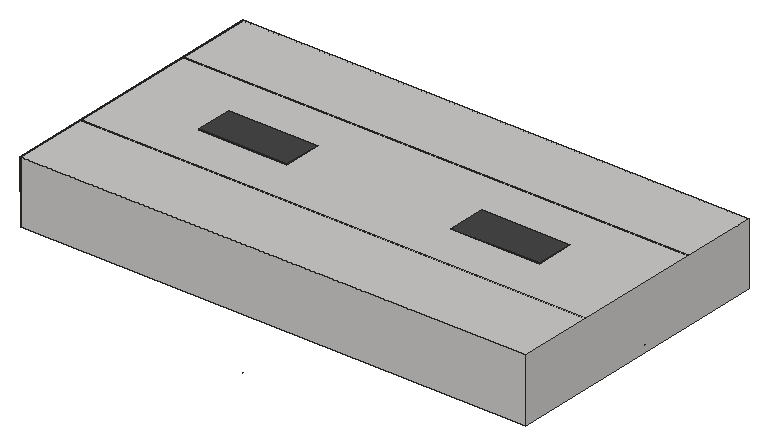
Revit family "QF_ELECTROLUXPROFESSIONAL_642047_EC2240T", category Specialty Equipment, Revit 2014
Reference planes
  plane 1: z = 0
  plane 2 "Center (Left/Right)": x = 150
  plane 3 "LEFT": x = -1850
  plane 4 "RIGHT": x = 2150
  plane 5 "BACK": y = 550
  plane 6 "TOP": z = 2500
  plane 7 "Base": z = 2000
  plane 8: z = 1946
  plane 9: x = -1847
  plane 10 "DrainX": x = 1999
  plane 11 "AOLeft2": x = -500
  plane 12 "AORight1": x = 800
  plane 13: x = 2147
  plane 14: x = -1650
  plane 15: x = 1950
  plane 16: x = 50
  plane 17: x = 250
  plane 18 "AOLeft1": x = -1200
  plane 19 "AORight2": x = 1500
  plane 20: y = -400
  plane 21: through (0, -127.846, 2402.468) normal (0, -0.753, 0.6581)
  plane 22: through (0, -972.152, 2402.468) normal (0, -0.753, -0.6581)
  plane 23: y = -700
  plane 24 "Center (Front/Back)": y = -550
  plane 25: y = -1650
Forms (mm)
  Extrusion 1, solid, material "QF_Finishes_Stainless Steel"
    sketch origin (-1850, 0, 360) x (0, 1, 0) y (0, 0, 1)
      loop
        line (550, 1640) -> (550, 2140) -> (-1650, 2140) -> (-1650, 1640) -> (550, 1640)
    from 0 to 3
  Extrusion 2, solid, material "QF_Finishes_Stainless Steel"
    sketch origin (2150, 0, 360) x (0, 1, 0) y (0, 0, 1)
      loop
        line (550, 1640) -> (550, 2140) -> (-1650, 2140) -> (-1650, 1640) -> (550, 1640)
    from 0 to -3
  Extrusion 3, solid, material "QF_Finishes_Stainless Steel"
    sketch origin (150, 0, 360) x (0, 1, 0) y (0, 0, 1)
      loop
        line (-1650, 2140) -> (-1650, 1640) -> (-1640, 1640) -> (-1640, 1640.8) -> (-1649.2, 1640.8) -> (-1649.2, 2139.19) -> (549.2, 2139.19) -> (549.2, 1640.8) -> (540, 1640.8) -> (540, 1640) -> (550, 1640) -> (550, 2140) -> (-1650, 2140)
    from -2000 to 2000
  Extrusion 4, solid, material "QF_Finishes_Black"
    sketch origin (0, 0, 2500) x (0, 1, 0) y (-1, 0, 0)
      loop
        line (-400, 500) -> (-400, 1200) -> (-700, 1200) -> (-700, 500) -> (-400, 500)
    from 5 to 0
  Extrusion 5, solid, material "QF_Finishes_Stainless Steel"
    sketch origin (0, 0, 0) x (1, 0, 0) y (0, 1, 0)
      loop
        line (-1850, 550) -> (-1850, 549) -> (-1849, 549) -> (-1849, 550) -> (-1850, 550)
    from 0 to 1
  Extrusion 6, solid, material "QF_Finishes_Stainless Steel"
    sketch origin (150, -400, 360) x (0, 1, 0) y (0, 0, 1)
      loop
        line (-79.471, 1685.734) -> (-56.882, 1665.992) -> (272.154, 2042.468) -> (249.566, 2062.21) -> (-79.471, 1685.734)
      loop
        line (-572.152, 2042.468) -> (-243.115, 1665.992) -> (-220.526, 1685.734) -> (-549.563, 2062.21) -> (-572.152, 2042.468)
    from -1800 to -1997
  Extrusion 7, solid, material "QF_Finishes_Stainless Steel"
    sketch origin (150, -400, 360) x (0, 1, 0) y (0, 0, 1)
      loop
        line (360.354, 2141.454) -> (357.903, 2143.511) -> (264.331, 2031.996) -> (266.169, 2030.453) -> (357.41, 2139.19) -> (358.454, 2139.19) -> (360.354, 2141.454)
      loop
        line (-560.354, 2022.279) -> (-557.903, 2024.336) -> (-564.331, 2031.996) -> (-566.169, 2030.453) -> (-657.41, 2139.19) -> (-658.454, 2139.19) -> (-560.354, 2022.279)
      loop
        arc (-83.944, 1704.554) -> (-84.545, 1704.706) -> (-85.077, 1704.389) r 0.81
        line (-85.077, 1704.389) -> (-99.535, 1684.991) -> (-116.611, 1687.002) -> (-113.609, 1712.615) -> (-114.407, 1712.708) -> (-117.406, 1687.095)
        arc (-117.406, 1687.095) -> (-117.237, 1686.499) -> (-116.695, 1686.197) r 0.81
        line (-116.695, 1686.197) -> (-99.628, 1684.196)
        arc (-99.628, 1684.196) -> (-99.213, 1684.257) -> (-98.884, 1684.517) r 0.81
        line (-98.884, 1684.517) -> (-84.436, 1703.911) -> (-73.692, 1695.919) -> (-99.855, 1660.79) -> (-200.145, 1660.79) -> (-226.308, 1695.919) -> (-215.564, 1703.911) -> (-201.116, 1684.517)
        arc (-201.116, 1684.517) -> (-200.787, 1684.257) -> (-200.372, 1684.196) r 0.81
        line (-200.372, 1684.196) -> (-183.305, 1686.197)
        arc (-183.305, 1686.197) -> (-182.763, 1686.499) -> (-182.594, 1687.095) r 0.81
        line (-182.594, 1687.095) -> (-185.593, 1712.708) -> (-186.391, 1712.615) -> (-183.389, 1687.002) -> (-200.465, 1684.991) -> (-214.923, 1704.389)
        arc (-214.923, 1704.389) -> (-215.455, 1704.706) -> (-216.056, 1704.554) r 0.81
        line (-216.056, 1704.554) -> (-226.786, 1696.561)
        arc (-226.786, 1696.561) -> (-227.103, 1696.028) -> (-226.951, 1695.427) r 0.81
        line (-226.951, 1695.427) -> (-200.843, 1660.381)
        arc (-200.843, 1660.381) -> (-200.5, 1660.093) -> (-200.063, 1659.99) r 0.972
        line (-200.063, 1659.99) -> (-99.951, 1659.99)
        arc (-99.951, 1659.99) -> (-99.502, 1660.096) -> (-99.149, 1660.393) r 1
        line (-99.149, 1660.393) -> (-73.049, 1695.427)
        arc (-73.049, 1695.427) -> (-72.897, 1696.028) -> (-73.214, 1696.561) r 0.81
        line (-73.214, 1696.561) -> (-83.944, 1704.554)
    from -1997 to 1997
  Extrusion 8, solid, material "QF_Finishes_Stainless Steel"
    sketch origin (150, -400, 360) x (0, 1, 0) y (0, 0, 1)
      loop
        line (272.154, 2042.468) -> (249.566, 2062.21) -> (-79.471, 1685.734) -> (-56.882, 1665.992) -> (272.154, 2042.468)
      loop
        line (-572.154, 2042.468) -> (-243.118, 1665.992) -> (-220.529, 1685.734) -> (-549.566, 2062.21) -> (-572.154, 2042.468)
    from 1997 to 1800
  Extrusion 9, solid, material "QF_Finishes_Stainless Steel"
    sketch origin (150, -400, 360) x (0, 1, 0) y (0, 0, 1)
      loop
        line (272.154, 2042.468) -> (249.566, 2062.21) -> (-79.471, 1685.734) -> (-56.882, 1665.992) -> (272.154, 2042.468)
      loop
        line (-572.154, 2042.468) -> (-243.118, 1665.992) -> (-220.529, 1685.734) -> (-549.566, 2062.21) -> (-572.154, 2042.468)
    from -100 to 100
  Extrusion 10, solid, material "QF_Finished_Chrome"
    sketch origin (150, -400, 360) x (0, 1, 0) y (0, 0, 1)
      loop
        line (249.566, 2062.21) -> (-79.471, 1685.734) -> (-56.882, 1665.992) -> (272.154, 2042.468) -> (249.566, 2062.21)
      loop
        line (-549.566, 2062.21) -> (-572.154, 2042.468) -> (-243.118, 1665.992) -> (-220.529, 1685.734) -> (-549.566, 2062.21)
    from -1800 to -100
  Extrusion 11, solid, material "QF_Finished_Chrome"
    sketch origin (150, -400, 360) x (0, 1, 0) y (0, 0, 1)
      loop
        line (272.154, 2042.468) -> (249.566, 2062.21) -> (-79.471, 1685.734) -> (-56.882, 1665.992) -> (272.154, 2042.468)
      loop
        line (-572.154, 2042.468) -> (-243.118, 1665.992) -> (-220.529, 1685.734) -> (-549.566, 2062.21) -> (-572.154, 2042.468)
    from 100 to 1800
  Sweep 12, solid, material "QF_Finishes_Stainless Steel"
    path origin (0, 0, 0) x (1, 0, 0) y (0, 1, 0)
      loop
        line (2150, 550) -> (-1850, 550) -> (-1850, -1650) -> (2150, -1650) -> (2150, 550)
    profile origin (2150, -550, 0) x (1, 0, 0) y (0, 0, 1)
      loop
        line (-3, 2000) -> (-3, 2000.8) -> (-19, 2000.8) -> (-19, 2010) -> (-20, 2010) -> (-20, 2000) -> (-3, 2000)
  Extrusion 13, solid, material "QF_Finishes_Black"
    sketch origin (0, 0, 2500) x (0, 1, 0) y (-1, 0, 0)
      loop
        line (-400, -1500) -> (-400, -800) -> (-700, -800) -> (-700, -1500) -> (-400, -1500)
    from 5 to 0
  Extrusion 14, solid, material "QF_Finishes_Stainless Steel"
    sketch origin (1999, 0, 0) x (0, 1, 0) y (0, 0, 1)
      loop
        arc (-518.5, 1946) -> (-511.429, 1948.929) -> (-508.5, 1956) r 10
        line (-508.5, 1956) -> (-508.5, 2000.8) -> (-591.5, 2000.8) -> (-591.5, 1956)
        arc (-591.5, 1956) -> (-588.571, 1948.929) -> (-581.5, 1946) r 10
        line (-581.5, 1946) -> (-518.5, 1946)
    from -90 to 90
  Extrusion 15, solid, material "QF_Finishes_Stainless Steel"
    sketch origin (0, -1100, 2000) x (0, 1, 0) y (-1, 0, 0)
      loop
        circle (550, -1999) r 6.35
    from -3.799 to 0
Cuts and joins
  joined: Extrusion 2, Extrusion 3, Sweep 12
Lines and regions (mm)
  symbolic lines, style "SpecialityEquipment", detail levels coarse
    curve 1: line (2150, 550, 2500) -> (-1850, 550, 2500)
    curve 2: line (-1850, 550, 2500) -> (-1850, -1640, 2500)
    curve 3: line (2150, -1650, 2500) -> (2150, 550, 2500)
    curve 4: line (-1850, 550, 0) -> (2150, -1650, 0)
    curve 5: line (2150, 550, 0) -> (-1847, -1650, 0)
  symbolic lines, detail levels coarse
    curve 6: line (-1847, -1650, 0) -> (2150, -1650, 0)
    curve 7: line (-1200, -700, 0) -> (-500, -700, 0)
    curve 8: line (-1200, -400, 0) -> (-1200, -700, 0)
    curve 9: line (-500, -400, 0) -> (-1200, -400, 0)
    curve 10: line (-500, -700, 0) -> (-500, -400, 0)
    curve 11: line (800, -400, 0) -> (800, -700, 0)
    curve 12: line (1500, -400, 0) -> (800, -400, 0)
    curve 13: line (1500, -700, 0) -> (1500, -400, 0)
    curve 14: line (800, -700, 0) -> (1500, -700, 0)
    curve 15: line (-1847, -660.798, 0) -> (2147, -660.798, 0)
Dimensions and locks
  plane 3 "LEFT" to plane 4 "RIGHT" = 4000 mm
  equal spacing: plane 3 "LEFT", plane 2 "Center (Left/Right)", plane 4 "RIGHT"
  plane 3 "LEFT" to plane 9 = 3 mm
  plane 10 "DrainX" to plane 4 "RIGHT" = 151 mm
  plane 13 to plane 4 "RIGHT" = 3 mm
  plane 3 "LEFT" to plane 14 = 200 mm
  plane 15 to plane 4 "RIGHT" = 200 mm
  locked: plane 11 "AOLeft2" to plane 12 "AORight1" at 1300
  equal spacing: plane 11 "AOLeft2", plane 2 "Center (Left/Right)", plane 12 "AORight1"
  locked: plane 7 "Base" to level at 2000
  locked: plane 16 to plane 17 at 200
  equal spacing: plane 16, plane 2 "Center (Left/Right)", plane 17
  plane 18 "AOLeft1" to plane 11 "AOLeft2" = 700 mm
  plane 12 "AORight1" to plane 19 "AORight2" = 700 mm
  plane 7 "Base" to plane 8 = 54 mm
  locked: plane 6 "TOP" to plane 7 "Base" at 500
  plane 5 "BACK" to plane 25 = 2200 mm  (x2)
  equal spacing: plane 5 "BACK", plane 24 "Center (Front/Back)", plane 25
  plane 23 to plane 20 = 300 mm
  equal spacing: plane 23, plane 24 "Center (Front/Back)", plane 20
  aligned and locked: level to plane 1
  aligned and locked: plane 4 "RIGHT" to Extrusion 3
  aligned and locked: Extrusion 3 to plane 3 "LEFT"
  aligned and locked: Extrusion 6 to plane 9
  aligned and locked: plane 14 to Extrusion 6
  aligned and locked: Extrusion 2 to plane 13
  aligned and locked: plane 13 to Extrusion 8
  aligned and locked: plane 15 to Extrusion 8
  aligned and locked: plane 17 to Extrusion 9
  aligned and locked: Extrusion 9 to plane 16
  aligned and locked: plane 16 to Extrusion 10
  aligned and locked: Extrusion 10 to plane 14
  aligned and locked: Extrusion 11 to plane 17
  aligned and locked: Extrusion 11 to plane 15
  aligned and locked: Extrusion 7 to plane 9
  aligned and locked: Extrusion 7 to plane 13
  aligned and locked: Extrusion 4 to plane 18 "AOLeft1"
  aligned and locked: Extrusion 4 to plane 11 "AOLeft2"
  aligned and locked: plane 12 "AORight1" to Extrusion 13
  aligned and locked: plane 19 "AORight2" to Extrusion 13
  aligned and locked: plane 23 to Extrusion 13
  aligned and locked: plane 23 to Extrusion 4
  aligned and locked: plane 20 to Extrusion 13
  aligned and locked: plane 20 to Extrusion 4
  aligned and locked: curve 7 to Extrusion 4
  aligned and locked: curve 8 to Extrusion 4
  aligned and locked: curve 9 to Extrusion 4
  aligned and locked: curve 10 to Extrusion 4
  aligned and locked: curve 11 to Extrusion 13
  aligned and locked: curve 12 to Extrusion 13
  aligned and locked: curve 13 to Extrusion 13
  aligned and locked: curve 14 to Extrusion 13
Automatic sketch dimensions
  Extrusion 1 sketch curve to plane 7 "Base" = 0 mm
  Extrusion 1 sketch curve to plane 5 "BACK" = 0 mm
  Extrusion 1 sketch curve to plane 6 "TOP" = 0 mm
  Extrusion 2 sketch curve to plane 7 "Base" = 0 mm
  Extrusion 2 sketch curve to plane 5 "BACK" = 0 mm
  Extrusion 2 sketch curve to plane 6 "TOP" = 0 mm
  Extrusion 3 sketch curve to plane 6 "TOP" = 0 mm
  Extrusion 3 sketch curve to plane 7 "Base" = 0 mm  (x2)
  Extrusion 3 sketch curve to plane 5 "BACK" = 0 mm
  Extrusion 3 sketch curve to Extrusion 3 sketch curve = 9.2 mm
  plane 7 "Base" to Extrusion 3 sketch curve = 0.8 mm  (x2)
  Extrusion 3 sketch curve to plane 5 "BACK" = 10 mm
  Extrusion 3 sketch curve to plane 5 "BACK" = 0.8 mm
  Extrusion 3 sketch curve to plane 6 "TOP" = 0.81 mm
  Extrusion 4 sketch curve to plane 11 "AOLeft2" = 0 mm
  Extrusion 4 sketch curve to plane 18 "AOLeft1" = 0 mm
  Extrusion 5 sketch curve to plane 3 "LEFT" = 0 mm
  Extrusion 5 sketch curve to plane 5 "BACK" = 0 mm
  plane 3 "LEFT" to Extrusion 5 sketch curve = 1 mm
  Extrusion 5 sketch curve to Extrusion 5 sketch curve = 1 mm
  Sweep 12 sketch curve to plane 3 "LEFT" = 0 mm
  Sweep 12 sketch curve to plane 4 "RIGHT" = 0 mm
  Sweep 12 sketch curve to plane 5 "BACK" = 0 mm
  profile plane to Sweep 12 sketch curve = 20 mm
  Sweep 12 sketch curve to Sweep 12 sketch curve = 1 mm
  profile plane to Sweep 12 sketch curve = 3 mm
  level to Sweep 12 sketch curve = 2000 mm
  Sweep 12 sketch curve to Sweep 12 sketch curve = 0.8 mm
  Sweep 12 sketch curve to Sweep 12 sketch curve = 9.2 mm
  Extrusion 13 sketch curve to plane 11 "AOLeft2" = 2000 mm
  plane 18 "AOLeft1" to Extrusion 13 sketch curve = 2000 mm
  Extrusion 13 sketch curve to Extrusion 13 sketch curve = 300 mm
  Extrusion 3 sketch curve to Extrusion 3 sketch curve = 0.8 mm
  Extrusion 6 sketch curve to plane 21 = 0 mm  (x2)
  Extrusion 6 sketch curve to plane 6 "TOP" = 77.79 mm  (x2)
  plane 7 "Base" to Extrusion 6 sketch curve = 25.992 mm  (x2)
  plane 7 "Base" to Extrusion 6 sketch curve = 45.734 mm
  Extrusion 6 sketch curve to plane 22 = 0 mm
  plane 22 to Extrusion 6 sketch curve = 0 mm
  Extrusion 10 sketch curve to plane 21 = 0 mm  (x2)
  Extrusion 10 sketch curve to plane 6 "TOP" = 77.79 mm  (x2)
  Extrusion 10 sketch curve to Extrusion 10 sketch curve = 22.589 mm
  plane 7 "Base" to Extrusion 10 sketch curve = 25.992 mm  (x2)
  Extrusion 9 sketch curve to plane 21 = 0 mm  (x2)
  Extrusion 9 sketch curve to plane 6 "TOP" = 77.79 mm  (x2)
  Extrusion 9 sketch curve to Extrusion 9 sketch curve = 22.589 mm
  plane 7 "Base" to Extrusion 9 sketch curve = 25.992 mm  (x2)
  Extrusion 11 sketch curve to plane 21 = 0 mm  (x2)
  Extrusion 11 sketch curve to plane 6 "TOP" = 77.79 mm  (x2)
  Extrusion 11 sketch curve to Extrusion 11 sketch curve = 22.589 mm
  plane 7 "Base" to Extrusion 11 sketch curve = 25.992 mm  (x2)
  Extrusion 8 sketch curve to plane 21 = 0 mm  (x2)
  Extrusion 8 sketch curve to plane 6 "TOP" = 77.79 mm  (x2)
  Extrusion 8 sketch curve to Extrusion 8 sketch curve = 22.589 mm
  plane 7 "Base" to Extrusion 8 sketch curve = 25.992 mm  (x2)
  plane 7 "Base" to Extrusion 8 sketch curve = 45.734 mm
  plane 7 "Base" to Extrusion 9 sketch curve = 45.734 mm
  plane 7 "Base" to Extrusion 10 sketch curve = 45.734 mm
  plane 7 "Base" to Extrusion 11 sketch curve = 45.734 mm
  Extrusion 13 sketch curve to plane 20 = 0 mm
  plane 23 to Extrusion 1 sketch curve = 950 mm
  plane 23 to Extrusion 2 sketch curve = 950 mm
  plane 23 to Extrusion 3 sketch curve = 940 mm
  plane 23 to Sweep 12 sketch curve = 950 mm
  plane 23 to Extrusion 4 sketch curve = 0 mm
  Extrusion 4 sketch curve to plane 20 = 0 mm
  plane 23 to Extrusion 6 sketch curve = 249.563 mm
  Extrusion 8 sketch curve to plane 23 = 79.471 mm
  plane 23 to Extrusion 8 sketch curve = 249.566 mm
  Extrusion 9 sketch curve to plane 23 = 79.471 mm
  plane 23 to Extrusion 9 sketch curve = 249.566 mm
  Extrusion 10 sketch curve to plane 23 = 79.471 mm
  plane 23 to Extrusion 10 sketch curve = 249.566 mm
  Extrusion 11 sketch curve to plane 23 = 79.471 mm
  plane 23 to Extrusion 11 sketch curve = 249.566 mm
  Extrusion 15 sketch curve to plane 10 "DrainX" = 0 mm
  Extrusion 15 sketch curve to plane 24 "Center (Front/Back)" = 0 mm
  Extrusion 14 sketch curve to plane 8 = 0 mm
  plane 8 to Extrusion 14 sketch curve = 10 mm
  Extrusion 14 sketch curve to plane 24 "Center (Front/Back)" = 41.5 mm
  plane 24 "Center (Front/Back)" to Extrusion 14 sketch curve = 31.5 mm
  plane 7 "Base" to Extrusion 14 sketch curve = 0.8 mm
  plane 24 "Center (Front/Back)" to Extrusion 14 sketch curve = 41.5 mm
  Extrusion 7 sketch curve to plane 6 "TOP" = 0.81 mm  (x2)
  plane 23 to Extrusion 7 sketch curve = 358.454 mm
  Extrusion 7 sketch curve to Extrusion 7 sketch curve = 1.044 mm  (x2)
  Extrusion 7 sketch curve to plane 6 "TOP" = 109.547 mm  (x2)
  Extrusion 7 sketch curve to Extrusion 7 sketch curve = 91.241 mm
  Extrusion 7 sketch curve to plane 6 "TOP" = 108.004 mm  (x2)
  Extrusion 7 sketch curve to plane 6 "TOP" = 117.721 mm
  Extrusion 7 sketch curve to plane 23 = 73.049 mm
  Extrusion 7 sketch curve to Extrusion 7 sketch curve = 0.166 mm
  Extrusion 7 sketch curve to Extrusion 7 sketch curve = 0.478 mm  (x4)
  Extrusion 7 sketch curve to Extrusion 7 sketch curve = 0.006 mm  (x4)
  Extrusion 7 sketch curve to Extrusion 7 sketch curve = 10.73 mm  (x2)
  Extrusion 7 sketch curve to Extrusion 7 sketch curve = 0.484 mm  (x4)
  Extrusion 7 sketch curve to Extrusion 7 sketch curve = 0.008 mm  (x4)
  Extrusion 7 sketch curve to Extrusion 7 sketch curve = 0.641 mm  (x2)
  Extrusion 7 sketch curve to Extrusion 7 sketch curve = 14.448 mm
  plane 7 "Base" to Extrusion 7 sketch curve = 20.381 mm
  Extrusion 7 sketch curve to Extrusion 7 sketch curve = 0.273 mm
  Extrusion 7 sketch curve to Extrusion 7 sketch curve = 0.65 mm  (x2)
  Extrusion 7 sketch curve to Extrusion 7 sketch curve = 0.001 mm  (x4)
  Extrusion 7 sketch curve to Extrusion 7 sketch curve = 0.093 mm  (x2)
  plane 7 "Base" to Extrusion 7 sketch curve = 20.79 mm
  Extrusion 7 sketch curve to Extrusion 7 sketch curve = 0.698 mm
  Extrusion 7 sketch curve to Extrusion 7 sketch curve = 0.081 mm
  Extrusion 7 sketch curve to Extrusion 7 sketch curve = 28.531 mm
  Extrusion 7 sketch curve to Extrusion 7 sketch curve = 0.799 mm  (x2)
  Extrusion 7 sketch curve to Extrusion 7 sketch curve = 17.067 mm  (x2)
  Extrusion 7 sketch curve to Extrusion 7 sketch curve = 0.01 mm  (x4)
  Extrusion 7 sketch curve to Extrusion 7 sketch curve = 0.094 mm
  Extrusion 7 sketch curve to Extrusion 7 sketch curve = 0.795 mm  (x2)
  plane 24 "Center (Front/Back)" to Extrusion 7 sketch curve = 32.594 mm
  Extrusion 7 sketch curve to Extrusion 7 sketch curve = 0.71 mm
  Extrusion 7 sketch curve to Extrusion 7 sketch curve = 2.998 mm
  Extrusion 7 sketch curve to Extrusion 7 sketch curve = 16.745 mm
  Extrusion 7 sketch curve to Extrusion 7 sketch curve = 0.095 mm
  plane 7 "Base" to Extrusion 7 sketch curve = 20.393 mm
  Extrusion 7 sketch curve to Extrusion 7 sketch curve = 0.707 mm
  Extrusion 7 sketch curve to Extrusion 7 sketch curve = 0.651 mm
  Extrusion 7 sketch curve to Extrusion 7 sketch curve = 14.456 mm
  plane 20 to Extrusion 7 sketch curve = 264.331 mm
  plane 6 "TOP" to Extrusion 7 sketch curve = 3.511 mm
  Extrusion 7 sketch curve to Extrusion 7 sketch curve = 0.8 mm
  Extrusion 7 sketch curve to Extrusion 7 sketch curve = 23.206 mm
  Extrusion 7 sketch curve to Extrusion 7 sketch curve = 23.234 mm
  Extrusion 7 sketch curve to Extrusion 7 sketch curve = 0.321 mm  (x2)
  Extrusion 7 sketch curve to Extrusion 7 sketch curve = 2.001 mm  (x2)
  Extrusion 7 sketch curve to Extrusion 7 sketch curve = 0.804 mm  (x2)
  Extrusion 7 sketch curve to Extrusion 7 sketch curve = 10.911 mm  (x2)
  Extrusion 7 sketch curve to Extrusion 7 sketch curve = 7.993 mm  (x2)
  Extrusion 7 sketch curve to Extrusion 7 sketch curve = 25.613 mm  (x2)
  Extrusion 7 sketch curve to Extrusion 7 sketch curve = 1.839 mm
  curve 4 to plane 3 "LEFT" = 0 mm
  curve 6 to plane 9 = 0 mm
  curve 15 to plane 9 = 0 mm
  curve 15 to plane 13 = 0 mm
  curve 6 to plane 4 "RIGHT" = 0 mm
  curve 5 to plane 4 "RIGHT" = 0 mm
  curve 4 to plane 25 = 0 mm
  curve 4 to plane 5 "BACK" = 0 mm
  curve 5 to plane 5 "BACK" = 0 mm
  curve 15 to plane 23 = 39.202 mm
  curve 3 to plane 4 "RIGHT" = 0 mm
  curve 3 to plane 25 = 0 mm
  curve 2 to plane 3 "LEFT" = 0 mm
  curve 2 to plane 5 "BACK" = 0 mm
  plane 25 to curve 2 = 10 mm
  radius of Extrusion 15 sketch curve = 6.35 mm
Connectors
  hvac at (-850, -550, 2505)
    settings: on Extrusion 4, index 2, duct flow 0.0 L/s, flow factor 0, pres drop 0.0 Pa, loss coef 0, conn angle 0.00°, conn width 300 mm, conn height 700 mm, conn diameter 609.6 mm, duct sys type 3, conn prof type 1, flow config 1, flow direction 2, loss method 0, conn ref index -1, conn util no, is conn primary yes, conn desc "EXHAUST OUTLET"
  hvac at (1150, -550, 2505)
    settings: on Extrusion 13, index 3, duct flow 0.0 L/s, flow factor 0, pres drop 0.0 Pa, loss coef 0, conn angle 0.00°, conn width 300 mm, conn height 700 mm, conn diameter 609.6 mm, duct sys type 3, conn prof type 1, flow config 1, flow direction 2, loss method 0, conn ref index -1, conn util no, is conn primary no, conn desc "EXHAUST OUTLET"
  piping at (1999, -550, 1996.201), diameter 12.7
    settings: on Extrusion 15, index 4, connector inside diameter 609.6 mm, connector length 0 mm, flow factor 0, pipe flow 0.0 L/s, pressure drop 0.0 Pa, fitting loss kfactor 0, connector angle 0.00°, fixture units 0, engagement length 0 mm, angle of deflection 0.00°, flow configuration 1, flow direction 2, fitting loss method 0, system type 16, joint type 0, gender type 0, connector reference index -1, connector utility 0, adjustable connector no, is connector primary yes, connector description "Drain"
